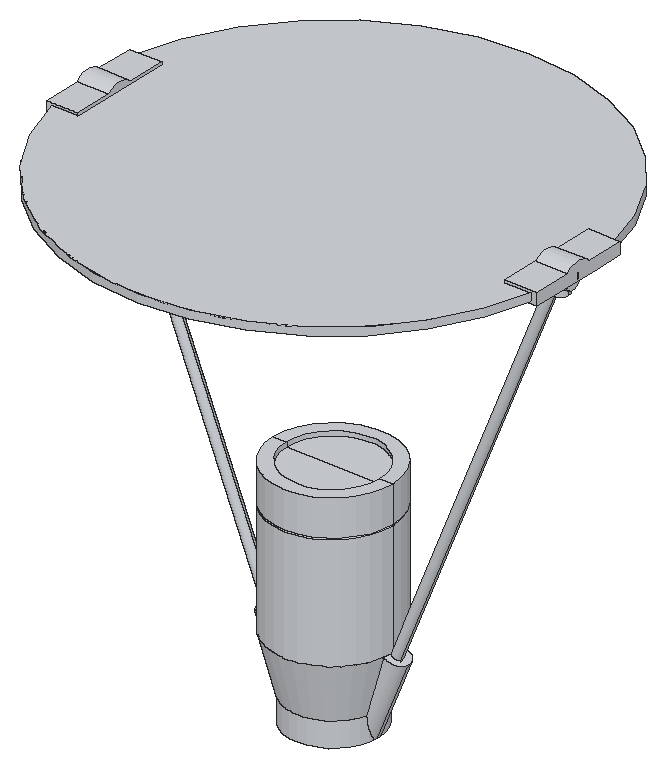
Revit family "INDF-FACE BASED", category Lighting Fixtures, host Face, Revit 2021
Family settings
  Host = Face
  Round Connector Dimension = Use Diameter
  Part Type = Normal
  Cut with Voids When Loaded = No
  Light Source = Yes
  Shared = No
  Room Calculation Point = No
Parameters (values of type "INDF-RD-30LED-WW")
  Wattage Comments = ""
  Wattage = 9.2903 W
  built-in parameter 1150110 = 1 (stored number, unit not read)
  built-in parameter 1114217 = 1 (stored number, unit not read)
  Tilt Angle = 90.00°
  built-in parameter 1150109 = 1 (stored number, unit not read)
  built-in parameter 1150134 = 3
  built-in parameter 1150113 = 1 (stored number, unit not read)
  Photometric Web File = "INDF-RD-30LED-WW.IES"
  Model = "INDF"
  Manufacturer = "AAL"
  built-in parameter 1150105 = 109.82 (stored number, unit not read)
  Lumens = 1380 lm
  built-in parameter 1150115 = 1 (stored number, unit not read)
  built-in parameter 1150137 = (empty or 0)
  built-in parameter 1150139 = (empty or 0)
  built-in parameter 1150112 = 1 (stored number, unit not read)
  built-in parameter 1150114 = 1 (stored number, unit not read)
  Lamp = "LED"
  built-in parameter 1150132 = (empty or 0)
  built-in parameter 1150102 = (empty or 0)
  built-in parameter 1150107 = 3200 (stored number, unit not read)
  built-in parameter 1150138 = (empty or 0)
  built-in parameter 1150106 = 1.0982 (stored number, unit not read)
  built-in parameter 1150104 = 13.8 (stored number, unit not read)
  Dimming Lamp Color Temperature Shift = <None>
  Default Elevation = 4' - 0"
  Color Filter = 16777215
  built-in parameter 1114218 = 1 (stored number, unit not read)
  built-in parameter 1150133 = 10 (stored number, unit not read)
  Apparent Load = 0 VA
Types (13): name | Wattage Comments | Photometric Web File | Lamp
  (no name) | "" | "INDF-RD-30LED-WW.IES" | "LED"
  INDF-RD-30LED-BW-15 | "" | "INDA-RD-30LED-BW-15.IES" | "LED"
  INDF-RD-30LED-BW-30 | "" | "INDF-RD-30LED-BW-30.IES" | "LED"
  INDF-RD-30LED-BW | "" | "INDF-RD-30LED-BW.IES" | "LED"
  INDF-RD-30LED-WW | "" | "INDF-RD-30LED-WW.IES" | "LED"
  INDF-RD-150MH-0-CDC | "150 W" | "INDF-RD-150MH-0-CDC.IES" | "MH"
  INDF-RD-150MH-15 | "150 W" | "INDF-RD-150MH-15.IES" | "MH"
  INDF-RD-150MH-30 | "150 W" | "INDF-RD-150MH-30.IES" | "MH"
  INDF-RD-150MHT6-0 CDC | "150 W" | "INDF-RD-150MHT6-0 CDC.IES" | "MH"
  INDF-RD-150MHT6-0 | "150 W" | "INDF-RD-150MHT6-0.IES" | "MH"
  INDF-RD-150MHT6-15 | "150 W" | "INDF-RD-150MHT6-15.IES" | "MH"
  INDF-RD-150MHT6-30 | "150 W" | "INDF-RD-150MHT6-30.IES" | "MH"
  INDF-RD-IL-85-0 | "150 W" | "INDF-RD-150MHT6-30.IES" | "MH"
Reference planes (in)
  plane 1 "Center (Front/Back)": y = 0
  plane 2: z = 0
  plane 3 "Center (Left/Right)": x = 0
  plane 4: y = 12.875
  plane 5 "1": y = -12.875
  plane 6: x = -15
  plane 7: z = 29.81
Forms (in)
  Revolve 1, solid
    sketch origin (0, 0, 0) x (1, 0, 0) y (0, 0, 1)
      loop
        line (-2.87, 14.27) -> (-3.68, 14.27) -> (-3.68, 12.07) -> (-2.87, 12.07) -> (-2.87, 11.97) -> (-3.68, 11.97) -> (-3.68, 5.02) -> (-2.735, 1.5) -> (-2.735, 0) -> (0, 0) -> (0, 14) -> (-2.87, 14) -> (-2.87, 14.27)
      axis (0, 14.27) -> (0, 0)
    angle from 0 to 360
  Extrusion 2, solid
    sketch origin (-0.49624, 0, 1.3055) x (-0.927184, 0, 0.374607) y (0, -1, 0)
      loop
        circle (-2.735, 0) r 0.75
    from 0 to 5.02
  Extrusion 3, solid
    sketch origin (-0.49624, 0, 1.3055) x (0.927184, 0, -0.374607) y (0, 1, 0)
      loop
        circle (2.735, 0) r 0.30388
    from 0 to 31.75
  Extrusion 4, solid
    sketch origin (0.49624, 0, 1.3055) x (0.927184, 0, 0.374607) y (0, 1, 0)
      loop
        circle (-2.735, 0) r 0.75
    from 0 to 5.02
  Extrusion 5, solid
    sketch origin (0.49624, 0, 1.3055) x (-0.927184, 0, -0.374607) y (0, -1, 0)
      loop
        circle (2.735, 0) r 0.30388
    from 0 to 31.75
  Extrusion 6, solid
    sketch origin (0, 0, 0) x (1, 0, 0) y (0, 1, 0)
      loop
        circle (0, 0) r 15
    from 29.50121 to 29.99612
  Extrusion 7, solid
    sketch origin (0, 0, 0) x (1, 0, 0) y (0, 1, 0)
      loop
        circle (-13.93435, 0) r 0.5
    from 28.39625 to 29.50121
  Extrusion 8, solid
    sketch origin (0, 0, 0) x (0, 1, 0) y (0, 0, 1)
      loop
        circle (0, 29.22304) r 0.5
    from -14.63787 to -13.06969
  Extrusion 9, solid
    sketch origin (0, 0, 0) x (0, 1, 0) y (0, 0, 1)
      loop
        line (1.23672, 29.38658) -> (3.18606, 29.38658) -> (3.18606, 30.13658) -> (0.8333, 30.13658)
        arc (0.8333, 30.13658) -> (0, 30.45486) -> (-0.8333, 30.13658) r 1.25
        line (-0.8333, 30.13658) -> (-3.18606, 30.13658) -> (-3.18606, 29.38658) -> (1.23672, 29.38658)
    from -15 to -13.06969
  Extrusion 10, solid
    sketch origin (0, 0, 0) x (-1, 0, 0) y (0, -1, 0)
      loop
        circle (-13.93435, 0) r 0.5
    from 28.39625 to 29.50121
  Extrusion 11, solid
    sketch origin (0, 0, 0) x (0, 1, 0) y (0, 0, -1)
      loop
        circle (0, -29.22304) r 0.5
    from -14.63787 to -13.06969
  Extrusion 12, solid
    sketch origin (0, 0, 0) x (0, 1, 0) y (0, 0, -1)
      loop
        line (1.23672, -29.38658) -> (-3.18606, -29.38658) -> (-3.18606, -30.13658) -> (-0.8333, -30.13658)
        arc (-0.8333, -30.13658) -> (0, -30.45486) -> (0.8333, -30.13658) r 1.25
        line (0.8333, -30.13658) -> (3.18606, -30.13658) -> (3.18606, -29.38658) -> (1.23672, -29.38658)
    from -15 to -13.06969
Dimensions and locks (in)
  aligned and locked: plane 2 to host face
  aligned and locked: level to host face
Connectors (in)
  electrical at (0, 0, 29.50121), driven by "Apparent Load"
    settings: on Extrusion 6, index 1, voltage 120 V, apparent load 0 VA, apparent load phase1 0 VA, apparent load phase2 0 VA, apparent load phase3 0 VA, power factor 0.9, load classification "Other", number of poles 1, system type 30, power factor state 1, is connector primary yes, connector utility no, sub classification motor no, connector description "Lighting Connector"
